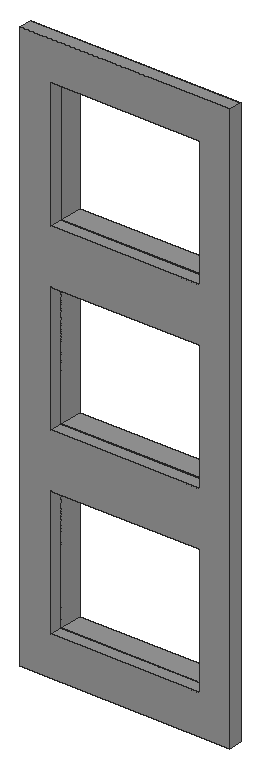
Revit family "IEK_РамкаТрехместная_Вертикальная_IP20_КВАРТА", category Обобщенные модели, Revit 2019
Family settings
  Может служить основой для арматурных стержней = Нет
  Размер круглого соединителя = Использовать диаметр
  Тип детали = Нормальный
  На основе рабочей плоскости = Нет
  Всегда вертикально = Да
  При загрузке вырезать с полостями = Нет
  Общий = Нет
  Точка расчета площади = Нет
Parameters (values of type "РВ-3-ККм")
  Ширина = 81 mm  # constant formula
  Степень защиты = "IP20"  # constant formula
  Изготовитель = "IEK"  # constant formula
  Дата изменения = ""
  Глубина = 4 mm  # constant formula
  Высота = 225 mm  # constant formula
  KSI_CPr_Строительные изделия = ""
  KSI_CMa_Строительные материалы = "01.7.14.03"  # constant formula
  IEK_Цена за единицу = 95.7
  IEK_Поиск в таблице имен = ""
  IEK_Описание = "Классический дизайн, проверенный временем и востребованный различными категориями потребителей, позволяет устанавливать изделия серии \"КВАРТА\" в квартирах, загородных домах, офисных и производственных помещениях."
  IEK_URL = "https://www.iek.ru/products/catalog/izdeliya_elektroustanovochnye_udliniteli_i_silovye_razemy/elektroustanovochnye_izdeliya/elektroustanovochnye_izdeliya_skrytogo_montazha/elektroustanovochnye_izdeliya_kvarta/elektroustanovochnye_izdeliya_kvarta_tsvet_kremovyy/ramka_3_mestnaya_vertikalnaya_rv_3_kkm_kvarta_kremovyy_iek"
  ADSK_Примечание = ""
  ADSK_Позиция [instance] = ""
  ADSK_Наименование = "Рамка 3-местная вертикальная РВ-3-ККм КВАРТА кремовый IEK"
  ADSK_Материал обозначение = ""
  ADSK_Материал наименование = "Пластик"  # constant formula
  ADSK_Материал = Цвет кремовый
  ADSK_Масса = 0.048  # constant formula
  ADSK_Марка = "КВАРТА"  # constant formula
  ADSK_Код изделия = "EMK31-K33-DM"
  ADSK_Завод-изготовитель = "IEK"  # constant formula
  ADSK_Единица измерения = "шт"  # constant formula
  ADSK_Группирование = "III ЭЛЕКТРОУСТАНОВОЧНЫЕ И ЭЛЕКТРОМОНТАЖНЫЕ ИЗДЕЛИЯ"  # constant formula
  ADSK_Версия семейства = "1.0"  # constant formula
  ADSK_Версия Revit = "2019"  # constant formula
  ADSK_URL страницы изделия = "https://www.iek.ru/products/catalog/izdeliya_elektroustanovochnye_udliniteli_i_silovye_razemy/elektroustanovochnye_izdeliya/elektroustanovochnye_izdeliya_skrytogo_montazha/elektroustanovochnye_izdeliya_kvarta/?pagec=100"
Types (3, lengths in mm): name | IEK_Цена за единицу | IEK_URL | ADSK_Наименование | ADSK_Материал | ADSK_Код изделия
  (no name) | 95.7 | "https://www.iek.ru/products/catalog/izdeliya_elektroustanovochnye_udliniteli_i_silovye_razemy/elektroustanovochnye_izdeliya/elektroustanovochnye_izdeliya_skrytogo_montazha/elektroustanovochnye_izdeliya_kvarta/elektroustanovochnye_izdeliya_kvarta_tsvet_kremovyy/ramka_3_mestnaya_vertikalnaya_rv_3_kkm_kvarta_kremovyy_iek" | "Рамка 3-местная вертикальная РВ-3-ККм КВАРТА кремовый IEK" | Цвет кремовый | "EMK31-K33-DM"
  РВ-3-КБ | 103.42 | "https://www.iek.ru/products/catalog/izdeliya_elektroustanovochnye_udliniteli_i_silovye_razemy/elektroustanovochnye_izdeliya/elektroustanovochnye_izdeliya_skrytogo_montazha/elektroustanovochnye_izdeliya_kvarta/elektroustanovochnye_izdeliya_kvarta_tsvet_belyy/ramka_3_mestnaya_vertikalnaya_rv_3_kb_kvarta_belyy_iek" | "Рамка 3-местная вертикальная РВ-3-КБ КВАРТА белый IEK" | Цвет белый | "EMK31-K01-DM"
  РВ-3-ККм | 95.7 | "https://www.iek.ru/products/catalog/izdeliya_elektroustanovochnye_udliniteli_i_silovye_razemy/elektroustanovochnye_izdeliya/elektroustanovochnye_izdeliya_skrytogo_montazha/elektroustanovochnye_izdeliya_kvarta/elektroustanovochnye_izdeliya_kvarta_tsvet_kremovyy/ramka_3_mestnaya_vertikalnaya_rv_3_kkm_kvarta_kremovyy_iek" | "Рамка 3-местная вертикальная РВ-3-ККм КВАРТА кремовый IEK" | Цвет кремовый | "EMK31-K33-DM"
Reference planes
  plane 1 "По центру (Вперед/Назад)": y = 0
  plane 2: z = 0
  plane 3 "По центру (Влево/Вправо)": x = 0
  plane 4 "Высота ножек": z = 280
  plane 5 "Высота": z = 2081.496
Forms (mm)
  Extrusion 1, solid, detail levels coarse+medium
    sketch origin (0, 0, 0) x (1, 0, 0) y (0, 1, 0)
      loop
        line (-40.5, 0) -> (40.5, 0) -> (40.5, 4) -> (-40.5, 4) -> (-40.5, 0)
    from 0 to 225
  Extrusion 2, solid, material "Цвет кремовый" <- "ADSK_Материал", detail levels fine
    sketch origin (0, 0, 111.25) x (0, 0, -1) y (-1, 0, 0)
      loop
        line (-111.25, 40.75) -> (-111.25, -40.75) -> (111.25, -40.75) -> (111.25, 40.75) -> (-111.25, 40.75)
    from 0 to 5
  Blend 3, solid, material "Цвет кремовый" <- "ADSK_Материал", detail levels fine
    base sketch origin (0, 0, 146.75) x (0, 0, -1) y (-1, 0, 0)
      loop
        line (-75.75, 40.75) -> (-75.75, -40.75) -> (0, -40.75) -> (0, 40.75) -> (-75.75, 40.75)
    top sketch origin (0, 0, 146.75) x (0, 0, -1) y (-1, 0, 0)
      loop
        line (-10.5, -29) -> (-10.5, 29) -> (-60.5, 29) -> (-60.5, -29) -> (-10.5, -29)
    from 5 to 14
  Extrusion 4, void
    sketch origin (0, 0, 146.75) x (0, 0, -1) y (-1, 0, 0)
      loop
        line (-60.5, 29) -> (-60.5, -29) -> (-10.5, -29) -> (-10.5, 29) -> (-60.5, 29)
      loop
        line (10.5, 29) -> (10.5, -29) -> (60.5, -29) -> (60.5, 29) -> (10.5, 29)
      loop
        line (81.5, 29) -> (81.5, -29) -> (131.5, -29) -> (131.5, 29) -> (81.5, 29)
    from 0 to 14
  Blend 5, solid, material "Цвет кремовый" <- "ADSK_Материал", detail levels fine
    base sketch origin (0, 0, 75.75) x (0, 0, 1) y (1, 0, 0)
      loop
        line (-75.75, -40.75) -> (0, -40.75) -> (0, 40.75) -> (-75.75, 40.75) -> (-75.75, -40.75)
    top sketch origin (0, 0, 75.75) x (0, 0, 1) y (1, 0, 0)
      loop
        line (-60.5, 29) -> (-60.5, -29) -> (-10.5, -29) -> (-10.5, 29) -> (-60.5, 29)
    from 5 to 14
  Blend 6, solid, material "Цвет кремовый" <- "ADSK_Материал", detail levels fine
    base sketch origin (0, 0, 75.75) x (0, 0, -1) y (-1, 0, 0)
      loop
        line (-71, 40.75) -> (-71, -40.75) -> (0, -40.75) -> (0, 40.75) -> (-71, 40.75)
    top sketch origin (0, 0, 75.75) x (0, 0, -1) y (-1, 0, 0)
      loop
        line (-10.5, -29) -> (-10.5, 29) -> (-60.5, 29) -> (-60.5, -29) -> (-10.5, -29)
    from 5 to 14
Cuts and joins
  Extrusion 4 cuts Extrusion 2
  Extrusion 4 cuts Blend 3
  Extrusion 4 cuts Blend 6
  Extrusion 4 cuts Blend 5
Dimensions and locks
  locked: plane 4 "Высота ножек" to plane 2 at 280
  plane 5 "Высота" to plane 4 "Высота ножек" = 1801.496 mm
  aligned and locked: level to plane 2
